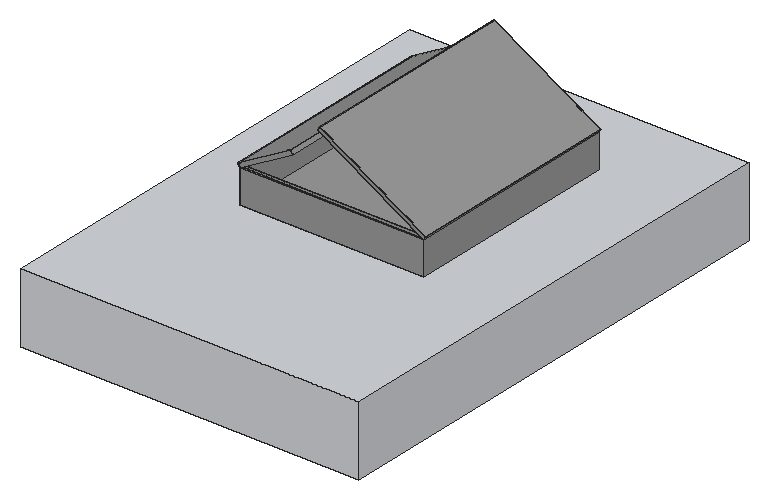
Revit family "Hager-Univers-IP44-D161-Cl.II-FWB-encl--DE-de", category Equipement électrique, Revit 2020 (continued)
Types (21, lengths in mm): name | Width Control | Thickness Door | Min Depth | Height Control | HG000010 - Asymmetrische Türen | HG000009 - Doppelflügeligen Tür | HG000004 - Herstellerreferenz | HG000002 - Mit tür | EF009554 - Anzahl der Öffnungen für Flanschplatten | EF009212 - Ausführung Deckel | EF009171 - Materialstärke Tür/Deckel | EF009170 - Materialstärke Gehäuse | EF004464 - Art der Tür | EF004427 - Anzahl der Module | EF001131 - Innentiefe | EF000437 - Anzahl der Leitungseinführungen | EF000339 - Art der Abdeckung | EF000266 - Anzahl der Reihen | EF000040 - Höhe | EF000008 - Breite | Door Height | Connector Offset
  Aufputz IP44 B550 H800 T161  - FWB52D | 550 | 1 | 3 | 800 | no | no | "FWB52D" | yes | 4 | "EV000116 - geschlossen" | 1 | 1 | "EV000494 - ohne" | 120 | 160 | 8 | "EV004216 - Tür" | 0 | 800 | 550 | 800 | 400
  Aufputz IP44 B550 H950 T161  - FWB62D | 550 | 1 | 3 | 950 | no | no | "FWB62D" | yes | 4 | "EV000116 - geschlossen" | 1 | 1 | "EV000494 - ohne" | 144 | 160 | 8 | "EV004216 - Tür" | 0 | 950 | 550 | 950 | 475
  Aufputz IP44 B800 H1100 T161  - FWB73D | 800 | 1 | 3 | 1100 | yes | yes | "FWB73D" | yes | 6 | "EV000116 - geschlossen" | 1 | 1 | "EV003602 - Doppel" | 252 | 156 | 12 | "EV004216 - Tür" | 0 | 1100 | 800 | 1100 | 550
  Aufputz IP44 B800 H1100 T161  - FWB73D1 | 800 | 1 | 5 | 1100 | no | no | "FWB73D1" | no | 6 | "EV009916 - mit Ausschnitt" | 1 | 2 | "EV000494 - ohne" | 252 | 160 | 12 | "EV004216 - Tür" | 0 | 1100 | 800 | 1100 | 550
  Aufputz IP44 B800 H500 T161  - FWB33D | 800 | 1 | 3 | 500 | yes | yes | "FWB33D" | yes | 6 | "EV000116 - geschlossen" | 1 | 1 | "EV000494 - ohne" | 108 | 160 | 12 | "EV004216 - Tür" | 0 | 500 | 800 | 500 | 250
  Aufputz IP44 B800 H650 T161  - FWB43D | 800 | 1 | 5 | 650 | yes | yes | "FWB43D" | yes | 6 | "EV009916 - mit Ausschnitt" | 1 | 2 | "EV000494 - ohne" | 144 | 160 | 12 | "EV004216 - Tür" | 0 | 650 | 800 | 650 | 325
  Aufputz IP44 B800 H800 T161  - FWB53D | 800 | 1 | 5 | 800 | yes | yes | "FWB53D" | yes | 6 | "EV000116 - geschlossen" | 1 | 2 | "EV000494 - ohne" | 180 | 160 | 12 | "EV004216 - Tür" | 0 | 800 | 800 | 800 | 400
  Aufputz IP44 B800 H950 T161  - FWB63D | 800 | 1 | 3 | 950 | yes | yes | "FWB63D" | yes | 6 | "EV000116 - geschlossen" | 1 | 1 | "EV000494 - ohne" | 216 | 156 | 12 | "EV004216 - Tür" | 0 | 950 | 800 | 950 | 475
